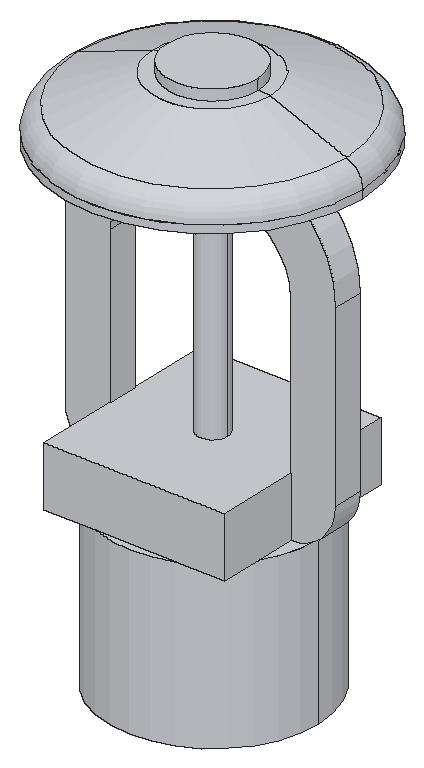
Revit family
Parameters (values of type "RASCO F156-300 UPRIGHT")
  URL = ""
  Temperature Rating = 286 °F
  Response = (empty or 0)
  RASCO SIN # = "RA2525"
  RASCO Part # = "F56U3B3"
  Pressure Rating = "300 PSI"
  Pressure Class = 1
  Orifice Size = 1/2"
  Orifice = (empty or 0)
  Model = "F156-300"
  Manufacturer = "RASCO"
  K-Factor = 5.6
  Description = "Bronze Finish"
  Coverage = (empty or 0)
Reference planes (in)
  plane 1 "Center (Front/Back)": y = 0
  plane 2: z = 0
  plane 3 "Center (Left/Right)": x = 0
Nested families (in)
  nested 1: "F56U3B3" at (0, 0, 0), type "RASCO F156-300 UPRIGHT"
Connectors (in)
  piping at (0, 0, 0)
    settings: on nested 1, index 1, connector radius 55/128", flow factor 0, pipe flow 0 GPM, pressure drop 0.00 psi, fitting loss kfactor 0, connector angle 0.00°, fixture units 0, flow configuration 0, flow direction 0, fitting loss method 0, system type 7, connector reference index -1, connector utility 0, adjustable connector no, is connector primary yes, fitting loss table "", connector description ""
Definition of nested family "F56U3B3"
  Parameters (values of type "RASCO F156-300 UPRIGHT")
    Type Comments = ""
    Temperature Rating = 0 °F
    Response = (empty or 0)
    Pressure Rating = "0"
    Pressure Class = (empty or 0)
    Orifice Size = 0"
    Orifice = (empty or 0)
    Model = ""
    Manufacturer = ""
    K-Factor = 0
    Description = ""
    Coverage = (empty or 0)
    Assembly Code = ""
  Reference planes (in)
    plane 1 "Center (Front/Back)": y = 0
    plane 2: z = 0
    plane 3 "ref.2": z = 0.6875
    plane 4 "ref.3": z = 0.9375
    plane 5: x = -0.38065
    plane 6: x = 0.36935
    plane 7 "ref. side 1": y = 0.06402
    plane 8 "ref. side 2": y = -0.06098
    plane 9 "ref.4": z = 1.875
    plane 10 "ref.5": z = 2.3125
    plane 11 "ref.6": z = 2.4375
  Forms (in)
    Extrusion 1, solid
      sketch origin (0, 0, 0) x (1, 0, 0) y (0, 1, 0)
        loop
          circle (0, 0) r 0.4375
      from 0 to 0.6875
    Extrusion 2, solid
      sketch origin (-0.12185, 0.05177, 0.6875) x (1, 0, 0) y (0, 1, 0)
        loop
          line (-0.2588, 0.356) -> (-0.2588, -0.4565) -> (0.4912, -0.4565) -> (0.4912, 0.356) -> (-0.2588, 0.356)
      from 0 to 0.25
    Extrusion 3, solid
      sketch origin (0, 0, 0) x (1, 0, 0) y (0, 0, 1)
        loop
          line (-0.38065, 0.68754) -> (-0.38065, 1.58397)
          arc (-0.38065, 1.58397) -> (-0.29541, 1.78976) -> (-0.08962, 1.875) r 0.29103
          line (-0.08962, 1.875) -> (0.07524, 1.875)
          arc (0.07524, 1.875) -> (0.28321, 1.78886) -> (0.36935, 1.58089) r 0.29411
          line (0.36935, 1.58089) -> (0.36935, 0.68751)
          arc (0.36935, 0.68751) -> (0.50207, 0.74393) -> (0.55685, 0.87734) r 0.18984
          line (0.55685, 0.87734) -> (0.55685, 1.61676)
          arc (0.55685, 1.61676) -> (0.42629, 1.93194) -> (0.11111, 2.0625) r 0.44574
          line (0.11111, 2.0625) -> (-0.12259, 2.0625)
          arc (-0.12259, 2.0625) -> (-0.43765, 1.932) -> (-0.56815, 1.61694) r 0.44556
          line (-0.56815, 1.61694) -> (-0.56815, 0.87876)
          arc (-0.56815, 0.87876) -> (-0.51345, 0.74486) -> (-0.38065, 0.68754) r 0.19126
      from -0.06402 to 0.06098
    Extrusion 4, solid
      sketch origin (0, 0, 0.9375) x (-1, 0, 0) y (0, -1, 0)
        loop
          circle (0.00574, -0.00152) r 0.0625
      from 0 to 0.9375
    Extrusion 5, solid
      sketch origin (0, 0, 1.875) x (-1, 0, 0) y (0, -1, 0)
        loop
          circle (0.00574, -0.00152) r 0.1875
      from 0 to 0.4375
    Revolve 6, solid
      sketch origin (0, 0, -0.31276) x (1, 0, 0) y (0, 0, 1)
        loop
          line (-0.19324, 2.33367) -> (-0.19324, 2.58367) -> (-0.24995, 2.58367) -> (-0.56395, 2.46314)
          arc (-0.56395, 2.46314) -> (-0.61243, 2.42492) -> (-0.63074, 2.36595) r 0.1041
          line (-0.63074, 2.36595) -> (-0.63074, 2.33367) -> (-0.19324, 2.33367)
        axis (-0.00574, 2.33367) -> (-0.00574, 2.58367)
      angle from 0 to 360
  Cuts and joins
    joined: Extrusion 1, Extrusion 2, Extrusion 4, Revolve 6
  Lines and regions (in)
    model lines
      curve 1: line (-0.00574, 0.06402, 1.875) -> (-0.00574, -0.06098, 1.875)
